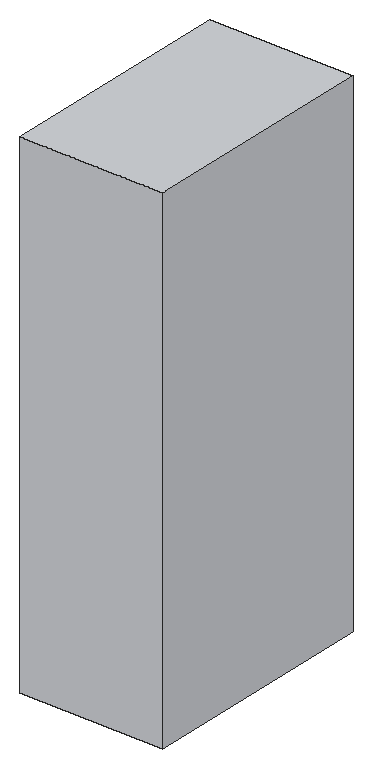
Revit family "機廠行政大樓_電腦室_伺服器機櫃_600x1000x2100", category 電氣設備, Revit 2025
Family settings
  面板規劃 = 兩欄，回路穿越
  圓形接點標註 = 使用直徑
  組件類型 = 分電盤
  OmniClass 編號 = 23.80.30.11.17
  OmniClass 標題 = Distribution Boards and Control Panels
  以工作平面為基礎 = 否
  總是垂直 = 是
  載入時使用空心切割 = 否
  維持標註方位 = 否
  共用 = 否
  房間計算點 = 否
Parameters (values of type "伺服器與網路機櫃")
  built-in parameter 1155100 [instance] = -1
  Default Elevation = 0 mm
  built-in parameter 1140142 [instance] = -1
  SCADA_高mm [instance] = "2100"
  SCADA_附錄F項次 [instance] = "12"
  SCADA_附錄D項次 [instance] = "2"
  SCADA_編號 [instance] = "DEP-ADM-COM-SRV-01"
  SCADA_站點 [instance] = "社后機廠"
  SCADA_深mm [instance] = "1000"
  SCADA_機櫃類型 [instance] = "伺服器與網路機櫃"
  SCADA_期別 [instance] = "共用"
  SCADA_房間 [instance] = "電腦室"
  SCADA_建物 [instance] = "行政大樓"
  SCADA_尺寸 [instance] = "600W×1000D×2100H"
  SCADA_寬mm [instance] = "600"
  SCADA_定位來源 [instance] = "獨立設備族群（載入專案後定位）"
  SCADA_備註 [instance] = ""
  SCADA_來源文件 [instance] = "Installation SoW_V6（Rev.006, 2026-07-02）附錄 D / F；依原文顏色標示排除已刪除項目"
  SCADA_UPS電源110V [instance] = "雙 UPS 電源（2×6000VA）"
  built-in parameter 1140140 [instance] = 1 (stored number, unit not read)
Reference planes
  plane 1 "中心 (前/後)": y = 0
  plane 2: z = 0
  plane 3 "中心 (左/右)": x = 0
Forms (mm)
  Extrusion 1, solid
    sketch origin (0, 0, 0) x (1, 0, 0) y (0, 1, 0)
      loop
        line (-300, -500) -> (300, -500) -> (300, 500) -> (-300, 500) -> (-300, -500)
    from 0 to 2100
Lines and regions (mm)
  model lines, style "開門線"
    curve 1: line (300, -500, 0) -> (300, -1100, 0)
    curve 2: arc (-300, -500, 0) -> (-124.264, -924.264, 0) -> (300, -1100, 0) r 600
    curve 3: line (-300, 500, 0) -> (-300, 1100, 0)
    curve 4: arc (300, 500, 0) -> (124.264, 924.264, 0) -> (-300, 1100, 0) r 600
Dimensions and locks
  aligned and locked: level to plane 2
